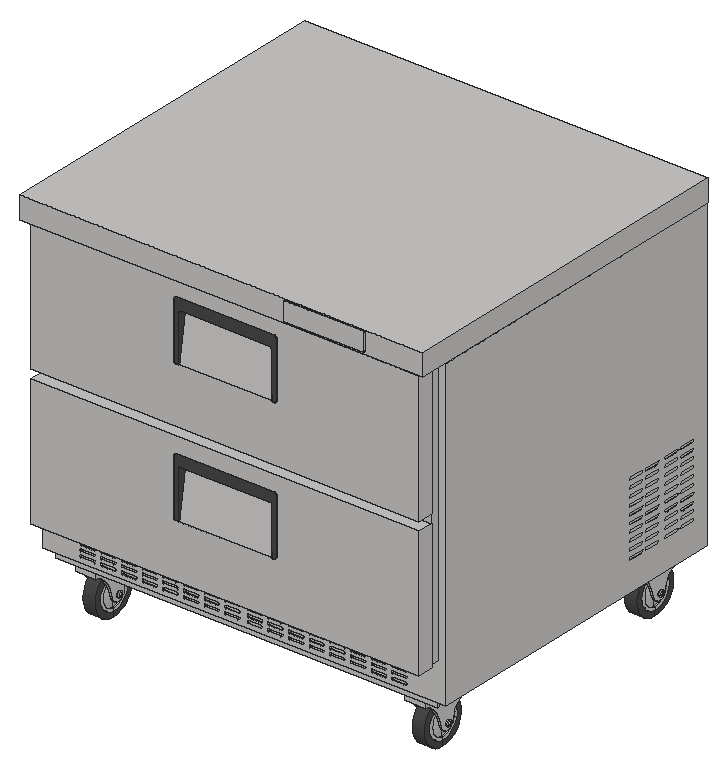
Revit family "QF_EVEREST_ETBSR2-D2", category Specialty Equipment, Revit 2015 (continued)
Definition of nested family "2.5 INCHES & 5 INCHES 01_CASTER"
  Parameters (values of type "2.5 INCHES & 5 INCHES 01_CASTER")
    Identify Quantity as Lot [instance] = yes
    Furnished By [instance] = ""
    Foodservice Equipment Identifier [instance] = yes
    Description = ""
    CSI MasterFormat = ""
    CSI Master Format = ""
    Assembly Code = ""
  Reference planes
    plane 1: z = 0
    plane 2 "RIGHT": x = 0
    plane 3 "FRONT": y = 0
    plane 4 "TOP": z = 125
  Forms (mm)
    Revolve 1, solid, visible <- "Show 5" Casters"
      sketch origin (-49.224, 25.364, -25.504) x (1, 0, 0) y (0, 0, 1)
        loop
          line (18.81, 76.304) -> (18.81, 74.386) -> (20.08, 73.116) -> (21.604, 73.116) -> (21.604, 70.067) -> (31.369, 70.067) -> (31.369, 65.181) -> (34.939, 63.12) -> (37.88, 44.951) -> (34.131, 44.951) -> (34.131, 38.998) -> (34.925, 38.998) -> (34.925, 25.504) -> (63.103, 25.504) -> (63.103, 38.998) -> (63.897, 38.998) -> (63.897, 44.951) -> (60.148, 44.951) -> (63.103, 63.209) -> (66.659, 65.262) -> (66.659, 70.067) -> (77.218, 70.067) -> (77.218, 73.116) -> (78.742, 73.116) -> (80.012, 74.386) -> (80.012, 76.304) -> (18.81, 76.304)
        axis (18.81, 76.304) -> (80.012, 76.304)
      angle from 0 to 360
    Extrusion 2, solid, visible <- "Show 5" Casters"
      sketch origin (-49.224, 49.87, -19.154) x (0, 1, 0) y (0, 0, 1)
        loop
          line (-85.786, 135.49) -> (-85.786, 125.149) -> (-63.321, 125.149)
          arc (-63.321, 125.149) -> (-37.391, 124.905) -> (-11.779, 120.85) r 175.807
          arc (-11.779, 120.85) -> (3.607, 115.163) -> (17.14, 105.894) r 66.729
          line (17.14, 105.894) -> (20.005, 109.985)
          arc (20.005, 109.985) -> (12.217, 116.012) -> (3.375, 120.348) r 48.686
          line (3.375, 120.348) -> (5.384, 123.823)
          arc (5.384, 123.823) -> (-4.003, 127.534) -> (-13.953, 129.229) r 48.686
          line (-13.953, 129.229) -> (-13.953, 135.49) -> (-85.786, 135.49)
      from 29.809 to 68.639
    Revolve 3, solid, visible <- "Show 5" Casters"
      sketch origin (0, 54.748, -31.75) x (0, 1, 0) y (0, 0, 1)
        loop
          line (-56.335, 156.75) -> (-56.335, 148.085) -> (-36.335, 148.085) -> (-36.335, 156.75) -> (-56.335, 156.75)
        axis (-56.335, 148.085) -> (-56.335, 156.75)
      angle from 0 to 360
    Extrusion 4, solid, visible <- "Show 5" Casters"
      sketch origin (-50.414, 49.87, -19.154) x (0, 1, 0) y (0, 0, 1)
        loop
          line (-85.786, 135.49) -> (-85.786, 125.149) -> (-79.594, 125.149)
          arc (-79.594, 125.149) -> (-54.006, 99.703) -> (-39.582, 66.626) r 96.297
          arc (-39.582, 66.626) -> (-20.695, 54.419) -> (-8.07, 73.029) r 16.082
          arc (-8.07, 73.029) -> (-0.57, 93.403) -> (17.434, 105.537) r 35.307
          line (17.434, 105.537) -> (20.005, 109.985)
          arc (20.005, 109.985) -> (12.217, 116.012) -> (3.375, 120.348) r 48.686
          line (3.375, 120.348) -> (5.384, 123.823)
          arc (5.384, 123.823) -> (-4.003, 127.534) -> (-13.953, 129.229) r 48.686
          line (-13.953, 129.229) -> (-13.953, 135.49) -> (-85.786, 135.49)
      from 69.829 to 73.87
    Extrusion 5, solid, visible <- "Show 5" Casters"
      sketch origin (50.414, 49.87, -19.154) x (0, 1, 0) y (0, 0, -1)
        loop
          line (-85.786, -135.49) -> (-13.953, -135.49) -> (-13.953, -129.229)
          arc (-13.953, -129.229) -> (-4.003, -127.534) -> (5.384, -123.823) r 48.686
          line (5.384, -123.823) -> (3.375, -120.348)
          arc (3.375, -120.348) -> (12.217, -116.012) -> (20.005, -109.985) r 48.686
          line (20.005, -109.985) -> (17.434, -105.537)
          arc (17.434, -105.537) -> (-0.57, -93.403) -> (-8.07, -73.029) r 35.307
          arc (-8.07, -73.029) -> (-20.695, -54.419) -> (-39.582, -66.626) r 16.082
          arc (-39.582, -66.626) -> (-54.006, -99.703) -> (-79.594, -125.149) r 96.297
          line (-79.594, -125.149) -> (-85.786, -125.149) -> (-85.786, -135.49)
      from 69.829 to 73.87
    Revolve 6, solid, visible <- "Show 2 1/2 Inches Caster"
      sketch origin (-49.224, 3.777, -25.504) x (1, 0, 0) y (0, 0, 1)
        loop
          line (18.81, 48.92) -> (18.81, 47.002) -> (20.08, 45.732) -> (21.604, 45.732) -> (21.604, 42.682) -> (31.369, 42.682) -> (31.369, 40.972) -> (35.223, 38.747) -> (35.568, 36.617) -> (34.131, 36.617) -> (34.131, 33.442) -> (34.925, 33.442) -> (34.925, 25.504) -> (63.103, 25.504) -> (63.103, 33.442) -> (63.897, 33.442) -> (63.897, 36.617) -> (62.461, 36.617) -> (62.82, 38.836) -> (66.659, 41.052) -> (66.659, 42.682) -> (77.218, 42.682) -> (77.218, 45.732) -> (78.742, 45.732) -> (80.012, 47.002) -> (80.012, 48.92) -> (18.81, 48.92)
        axis (18.81, 48.92) -> (80.012, 48.92)
      angle from 0 to 360
    Extrusion 7, solid, visible <- "Show 2 1/2 Inches Caster"
      sketch origin (-49.224, 28.283, -82.654) x (0, 1, 0) y (0, 0, 1)
        loop
          line (-16.331, 137.98) -> (-16.331, 141.046) -> (-56.209, 141.046) -> (-56.209, 134.689) -> (-46.219, 134.689)
          arc (-46.219, 134.689) -> (-28.864, 132.28) -> (-11.779, 128.391) r 203.903
          arc (-11.779, 128.391) -> (-4.956, 125.849) -> (1.305, 122.131) r 40.653
          line (1.305, 122.131) -> (3.229, 124.795)
          arc (3.229, 124.795) -> (-1.843, 128.62) -> (-7.378, 131.735) r 47.633
          line (-7.378, 131.735) -> (-5.649, 134.728)
          arc (-5.649, 134.728) -> (-10.865, 136.763) -> (-16.331, 137.98) r 36.65
      from 29.809 to 68.639
    Revolve 8, solid, visible <- "Show 2 1/2 Inches Caster"
      sketch origin (0, 36.045, -95.25) x (0, 1, 0) y (0, 0, 1)
        loop
          line (-44.16, 159.25) -> (-44.16, 153.642) -> (-26.871, 153.642) -> (-26.871, 159.25) -> (-44.16, 159.25)
        axis (-44.16, 153.642) -> (-44.16, 159.25)
      angle from 0 to 360
    Extrusion 9, solid, visible <- "Show 2 1/2 Inches Caster"
      sketch origin (-50.414, 28.283, -44.554) x (0, 1, 0) y (0, 0, 1)
        loop
          line (-56.209, 102.946) -> (-56.209, 96.589) -> (-54.356, 96.589)
          arc (-54.356, 96.589) -> (-41.244, 89.382) -> (-35.367, 75.623) r 22.934
          arc (-35.367, 75.623) -> (-34.578, 70.653) -> (-32.951, 65.891) r 29.308
          arc (-32.951, 65.891) -> (-24.08, 60.288) -> (-15.547, 66.395) r 9.398
          arc (-15.547, 66.395) -> (-15.145, 67.625) -> (-14.845, 68.885) r 15.67
          arc (-14.845, 68.885) -> (-9.178, 79.163) -> (1.425, 84.197) r 19.13
          line (1.425, 84.197) -> (3.229, 86.695)
          arc (3.229, 86.695) -> (-1.843, 90.52) -> (-7.378, 93.635) r 47.633
          line (-7.378, 93.635) -> (-5.649, 96.628)
          arc (-5.649, 96.628) -> (-10.865, 98.663) -> (-16.331, 99.88) r 36.65
          line (-16.331, 99.88) -> (-16.331, 102.946) -> (-56.209, 102.946)
      from 69.829 to 73.87
    Extrusion 10, solid, visible <- "Show 2 1/2 Inches Caster"
      sketch origin (50.414, 28.283, -44.554) x (0, 1, 0) y (0, 0, -1)
        loop
          line (-56.209, -102.946) -> (-16.331, -102.946) -> (-16.331, -99.88)
          arc (-16.331, -99.88) -> (-10.865, -98.663) -> (-5.649, -96.628) r 36.65
          line (-5.649, -96.628) -> (-7.378, -93.635)
          arc (-7.378, -93.635) -> (-1.843, -90.52) -> (3.229, -86.695) r 47.633
          line (3.229, -86.695) -> (1.425, -84.197)
          arc (1.425, -84.197) -> (-9.178, -79.163) -> (-14.845, -68.885) r 19.13
          arc (-14.845, -68.885) -> (-15.145, -67.625) -> (-15.547, -66.395) r 15.67
          arc (-15.547, -66.395) -> (-24.08, -60.288) -> (-32.951, -65.891) r 9.398
          arc (-32.951, -65.891) -> (-34.578, -70.653) -> (-35.367, -75.623) r 29.308
          arc (-35.367, -75.623) -> (-41.244, -89.382) -> (-54.356, -96.589) r 22.934
          line (-54.356, -96.589) -> (-56.209, -96.589) -> (-56.209, -102.946)
      from 69.829 to 73.87
  Cuts and joins
    joined: Extrusion 2, Extrusion 4, Extrusion 5
  Lines and regions (mm)
    symbolic lines, visible <- "Show 5" Casters"
      curve 1: line (13.783, 56.222, 0) -> (38.186, 42.133, 0)
      curve 2: line (-37.017, -31.766, 0) -> (-17.967, 1.23, 0)
      curve 3: line (-12.614, -45.855, 0) -> (-37.017, -31.766, 0)
      curve 4: line (38.186, 42.133, 0) -> (19.136, 9.138, 0)
      curve 5: line (-5.267, 23.227, 0) -> (13.783, 56.222, 0)
      curve 6: line (6.436, -12.859, 0) -> (-12.614, -45.855, 0)
    symbolic lines, visible <- "Show 2 1/2 Inches Caster"
      curve 7: line (2.705, 32.305, 0) -> (20.56, 21.997, 0)
      curve 8: line (-22.695, -11.689, 0) -> (2.705, 32.305, 0)
      curve 9: line (-4.84, -21.997, 0) -> (-22.695, -11.689, 0)
      curve 10: line (20.56, 21.997, 0) -> (-4.84, -21.997, 0)
  Dimensions and locks
    plane 4 "TOP" to level = 125 mm  (x2)
    aligned and locked: level to plane 1
